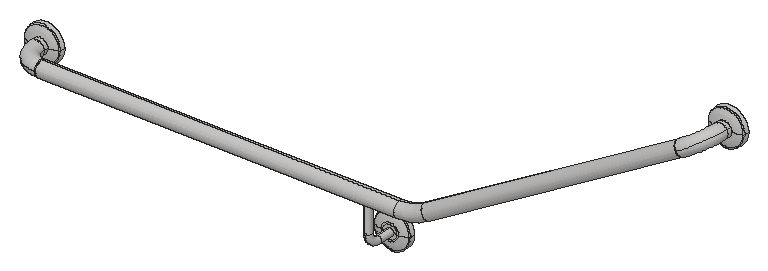
Revit family "Grab Rail_Metlam_30 Deg_Side Wall_Left", category Specialty Equipment, Revit 2016
Family settings
  Part Type = Normal
  Round Connector Dimension = Use Diameter
  OmniClass Number = 23.40.20.21.47
  OmniClass Title = Bath Grab Bars
  Work Plane-Based = No
  Always vertical = Yes
  Cut with Voids When Loaded = No
  Shared = No
  Room Calculation Point = Yes
Parameters (values of type "1478w x 90d x 382h (MLR101_X)")
  Width = 1478 mm  # constant formula
  URL = "http://www.metlam.com.au/"
  Type Comments = "Grab Rails"  # constant formula
  Model = "MLR101_X"
  Material_ANZRS = z_Metlam_Metal_Stainless Steel_Satin
  Manufacturer_URL__Product Specific = "https://metlam.com.au/product/content/grab-rails/MLR101_X"
  Manufacturer_Spec Code = Model  # "MLR101_X"
  Manufacturer_Height From FFL [instance] = 800 mm
  Manufacturer = "Metlam"  # constant formula
  Keynote = ""
  Height = 382 mm  # constant formula
  Description = "30° Flush Mount Side Wall Rail LH"  # constant formula
  Depth = 90 mm  # constant formula
  CreatedBy_ANZRS = "IGS BIM Solutions"  # constant formula
  CreatedByURL_ANZRS = "http://www.igsgroup.com.au/"
  Assembly Code = ""
Reference planes
  plane 1 "Back": y = 0
  plane 2 "Ref. Level": z = 0
  plane 3 "Left": x = 0
  plane 4 "Front": y = -90
  plane 5 "Left Wall Mount_Centre (Elevation)": z = 784
  plane 6 "Middle Wall Mount_Centre (Elevation)": z = 691
  plane 7 "Right Wall Mount_Centre (Elevation)": z = 1134
  plane 8 "Mounting Height": z = 800
  plane 9 "Middle Wall Mount_Centre (Left/Right)": x = 779
  plane 10 "Left Wall Mount_Centre (Left/Right)": x = 39
  plane 11 "Right": x = 1524
  plane 12 "Right Wall Mount_Centre (Left/Right)": x = 1484.999
  plane 13 "Top": z = 1173
  plane 14 "Angled Rail_Top": z = 1150
  plane 15 "Horizontal Rail_Bottom": z = 768
  plane 16 "Horizontal Rail_Left": x = 23
  plane 17 "Angled Rail_Right": x = 1501
  plane 18 "Bottom": z = 653
Forms (mm)
  Revolve 1, solid, material "z_Metlam_Metal_Stainless Steel_Satin" <- "Material_ANZRS"
    sketch origin (0, 0, 1134) x (1, 0, 0) y (0, -1, 0)
      loop
        arc (1448.743, 10.627) -> (1447.851, 9.87) -> (1447.401, 8.79) r 2.5
        line (1447.401, 8.79) -> (1446, 0) -> (1485, 0) -> (1485, 16.062) -> (1469, 16.062)
        arc (1469, 16.062) -> (1458.591, 14.389) -> (1448.743, 10.627) r 51.397
      axis (1485, 16.062) -> (1485, 0)
    angle from 0 to 360
  Revolve 2, solid, material "z_Metlam_Metal_Stainless Steel_Satin" <- "Material_ANZRS"
    sketch origin (0, 0, 784) x (1, 0, 0) y (0, -1, 0)
      loop
        arc (75.257, 10.595) -> (65.409, 14.357) -> (55, 16.031) r 51.397
        line (55, 16.031) -> (39, 16.031) -> (39, 0) -> (78, 0) -> (76.599, 8.759)
        arc (76.599, 8.759) -> (76.149, 9.838) -> (75.257, 10.595) r 2.5
      axis (39, 16.031) -> (39, 0)
    angle from 0 to 360
  Revolve 3, solid, material "z_Metlam_Metal_Stainless Steel_Satin" <- "Material_ANZRS"
    sketch origin (0, 0, 691) x (1, 0, 0) y (0, -1, 0)
      loop
        line (741, 0) -> (779, 0) -> (779, 16.031) -> (764.135, 16.031)
        arc (764.135, 16.031) -> (762.574, 15.995) -> (761.017, 15.888) r 34
        arc (761.017, 15.888) -> (751.634, 14.116) -> (742.754, 10.607) r 50.422
        arc (742.754, 10.607) -> (741.787, 9.734) -> (741.391, 8.494) r 2.5
        line (741.391, 8.494) -> (741, 0)
      axis (779, 0) -> (779, 16.031)
    angle from 0 to 360
  Sweep 4, solid, material "z_Metlam_Metal_Stainless Steel_Satin" <- "Material_ANZRS"
    path origin (779, 0, -711) x (0, 1, 0) y (0, 0, 1)
      loop
        line (-16.031, 1402) -> (-49, 1402)
        arc (-49, 1402) -> (-66.678, 1409.322) -> (-74, 1427) r 25
        line (-74, 1427) -> (-74, 1495)
    profile origin (779, -32.515, 691) x (0, 0, -1) y (1, 0, 0)
      loop
        circle (0, 0) r 7.5
  Sweep 5, solid, material "z_Metlam_Metal_Stainless Steel_Satin" <- "Material_ANZRS"
    path origin (-70.164, -90, 773) x (1, 0, 0) y (0, 0, -1)
      loop
        line (1511.863, -335.998) -> (976.796, -27.077)
        arc (976.796, -27.077) -> (947.854, -15.089) -> (916.796, -11) r 120
        line (916.796, -11) -> (159.164, -11)
    profile origin (89, -90, 784) x (0, 0, 1) y (0, 1, 0)
      loop
        circle (0, 16) r 16
  Sweep 6, solid, material "z_Metlam_Metal_Stainless Steel_Satin" <- "Material_ANZRS"
    path origin (0, 0, 784) x (1, 0, 0) y (0, -1, 0)
      loop
        line (89, 74) -> (87, 74)
        arc (87, 74) -> (53.059, 59.941) -> (39, 26) r 48
        line (39, 26) -> (39, 16.031)
    profile origin (88, -74, 784) x (0, -1, 0) y (0, 0, 1)
      loop
        circle (0, 0) r 16
  Sweep 7, solid, material "z_Metlam_Metal_Stainless Steel_Satin" <- "Material_ANZRS"
    path origin (1552.554, -90, 1173) x (-0.866025, 0, -0.5) y (0, 1, 0)
      loop
        line (128.004, 16) -> (126.004, 16)
        arc (126.004, 16) -> (92.063, 30.059) -> (78.004, 64) r 48
        line (78.004, 64) -> (78.004, 73.969)
    profile origin (1442.565, -74, 1109.498) x (0, -1, 0) y (0.5, 0, -0.866025)
      loop
        circle (0, 0) r 16
Cuts and joins
  joined: Sweep 4, Sweep 5, Sweep 6, Sweep 7
Lines and regions (mm)
  Masking region 1
    outline origin (779, 0, 784) x (-1, 0, 0) y (0, -1, 0)
      loop
        line (-656, 58) -> (-7.503, 58) -> (-7.503, 16.031) -> (-16.003, 16.031)
        arc (-16.003, 16.031) -> (-26.433, 14.377) -> (-36.289, 10.586) r 50.422
        arc (-36.289, 10.586) -> (-37.213, 9.766) -> (-37.62, 8.6) r 2.455
        line (-37.62, 8.6) -> (-38, 0) -> (38, 0) -> (37.614, 8.596)
        arc (37.614, 8.596) -> (37.208, 9.764) -> (36.283, 10.586) r 2.455
        arc (36.283, 10.586) -> (26.427, 14.377) -> (15.997, 16.031) r 50.422
        line (15.997, 16.031) -> (7.497, 16.031) -> (7.497, 58) -> (690.023, 58)
        arc (690.023, 58) -> (714.049, 48.049) -> (724, 24.024) r 33.977
        line (724, 24.024) -> (724, 16.031)
        arc (724, 16.031) -> (713.577, 14.378) -> (703.727, 10.593) r 50.422
        arc (703.727, 10.593) -> (702.847, 9.842) -> (702.404, 8.774) r 2.482
        line (702.404, 8.774) -> (701, 0) -> (779, 0) -> (777.594, 8.788)
        arc (777.594, 8.788) -> (777.169, 9.825) -> (776.327, 10.565) r 2.455
        arc (776.327, 10.565) -> (766.452, 14.37) -> (756.001, 16.03) r 50.421
        line (756.001, 16.03) -> (756.001, 27)
        arc (756.001, 27) -> (737.548, 71.548) -> (693, 90) r 63.001
        line (693, 90) -> (-659.453, 90)
        arc (-659.453, 90) -> (-703.681, 71.681) -> (-722, 27.454) r 62.547
        line (-722, 27.454) -> (-722, 16.031)
        arc (-722, 16.031) -> (-732.43, 14.377) -> (-742.286, 10.586) r 50.422
        arc (-742.286, 10.586) -> (-743.155, 9.844) -> (-743.594, 8.788) r 2.455
        line (-743.594, 8.788) -> (-745, 0) -> (-667, 0) -> (-668.404, 8.774)
        arc (-668.404, 8.774) -> (-668.847, 9.842) -> (-669.727, 10.593) r 2.482
        arc (-669.727, 10.593) -> (-679.577, 14.378) -> (-690, 16.031) r 50.422
        line (-690, 16.031) -> (-690, 24)
        arc (-690, 24) -> (-680.042, 48.042) -> (-656, 58) r 34
  symbolic lines, style "Grab Rails", detail levels medium+fine
    curve 1: line (55.001, -16.031, 784) -> (23, -16.031, 784)
    curve 2: line (1500.944, -16.062, 784) -> (1469.001, -16.062, 784)
    curve 3: line (771.503, -16.031, 0) -> (786.503, -16.031, 0)
    curve 4: line (737.501, -58, 0) -> (752.501, -58, 0)
  reference lines, not visible
    curve 5: line (1552.554, -90, 1173) -> (878.786, -90, 784)
  symbolic lines, style "Grab Rails"
    curve 6: line (879, -66, 784) -> (879, -82, 784)
Text (mm)
  text "> Contact Manufacturer to confirm feasibility of design variations outside the scope of this Revit Family\n\n\n\nDisclaimer:\n\nDue to ongoing product development and manufacturing evolution, product details are subject to change without notice. Please refer to product technical data sheets on the manufacturer’s website for the most current product information. Please allow a +/- 5mm manufacturing tolerance for dimensions and set-outs shown in product literature." at (1781.463, 417.263, 0), in view "Ref. Level_Instruction"
Dimensions and locks
  "Depth": plane 4 "Front" to plane 1 "Back"
  "Manufacturer_Height From FFL": plane 8 "Mounting Height" to level
  "Height": plane 14 "Angled Rail_Top" to plane 15 "Horizontal Rail_Bottom"
  locked: plane 6 "Middle Wall Mount_Centre (Elevation)" to plane 18 "Bottom" at 38
  locked: plane 13 "Top" to plane 14 "Angled Rail_Top" at 23
  locked: plane 15 "Horizontal Rail_Bottom" to plane 6 "Middle Wall Mount_Centre (Elevation)" at 77
  locked: plane 8 "Mounting Height" to plane 5 "Left Wall Mount_Centre (Elevation)" at 16
  locked: plane 5 "Left Wall Mount_Centre (Elevation)" to plane 15 "Horizontal Rail_Bottom" at 16
  "Width": plane 17 "Angled Rail_Right" to plane 16 "Horizontal Rail_Left"
  locked: plane 11 "Right" to plane 17 "Angled Rail_Right" at 23
  locked: plane 17 "Angled Rail_Right" to plane 12 "Right Wall Mount_Centre (Left/Right)" at 16.001
  locked: plane 10 "Left Wall Mount_Centre (Left/Right)" to plane 16 "Horizontal Rail_Left" at 16
  locked: plane 14 "Angled Rail_Top" to plane 7 "Right Wall Mount_Centre (Elevation)" at 16
  locked: plane 3 "Left" to plane 16 "Horizontal Rail_Left" at 23
  plane 10 "Left Wall Mount_Centre (Left/Right)" to curve 6 = 840 mm
  radius of Sweep 5 sketch curve = 120 mm
  aligned and locked: level to plane 2 "Ref. Level"
  aligned and locked: plane 5 "Left Wall Mount_Centre (Elevation)" to Sweep 5 sketch curve
  aligned and locked: Sweep 5 sketch curve to plane 5 "Left Wall Mount_Centre (Elevation)"  (x2)
  aligned and locked: plane 5 "Left Wall Mount_Centre (Elevation)" to Sweep 6 sketch curve
  aligned and locked: curve 5 to plane 5 "Left Wall Mount_Centre (Elevation)"
  aligned and locked: curve 5 to plane 13 "Top"
Automatic sketch dimensions
  plane 4 "Front" to curve 4 = 32 mm
  plane 3 "Left" to curve 4 = 737.501 mm
  plane 1 "Back" to curve 3 = 16.031 mm
  curve 4 to curve 3 = 34.002 mm
  curve 4 to curve 4 = 15 mm
  curve 3 to curve 3 = 15 mm
  plane 1 "Back" to Masking region 1 sketch curve = 0 mm  (x3)
  plane 3 "Left" to Masking region 1 sketch curve = 1524 mm
  plane 3 "Left" to Masking region 1 sketch curve = 1522.594 mm
  Masking region 1 sketch curve to Masking region 1 sketch curve = 2.424 mm  (x2)
  Masking region 1 sketch curve to Masking region 1 sketch curve = 19.17 mm  (x3)
  plane 3 "Left" to Masking region 1 sketch curve = 1498.36 mm
  Masking region 1 sketch curve to Masking region 1 sketch curve = 26.719 mm  (x2)
  Masking region 1 sketch curve to Masking region 1 sketch curve = 32 mm
  plane 1 "Back" to Masking region 1 sketch curve = 8.382 mm
  Masking region 1 sketch curve to Masking region 1 sketch curve = 19.145 mm  (x2)
  plane 1 "Back" to Masking region 1 sketch curve = 8.774 mm  (x2)
  Masking region 1 sketch curve to Masking region 1 sketch curve = 2.451 mm  (x2)
  Masking region 1 sketch curve to Masking region 1 sketch curve = 1.404 mm  (x2)
  Masking region 1 sketch curve to Masking region 1 sketch curve = 8.951 mm
  Masking region 1 sketch curve to Masking region 1 sketch curve = 3.453 mm  (x2)
  Masking region 1 sketch curve to Masking region 1 sketch curve = 618 mm
  plane 1 "Back" to Masking region 1 sketch curve = 8.6 mm
  Masking region 1 sketch curve to Masking region 1 sketch curve = 0.38 mm
  Masking region 1 sketch curve to Masking region 1 sketch curve = 2.447 mm  (x2)
  Masking region 1 sketch curve to Masking region 1 sketch curve = 24.637 mm
  Masking region 1 sketch curve to Masking region 1 sketch curve = 8.5 mm  (x2)
  Masking region 1 sketch curve to Masking region 1 sketch curve = 15 mm
  plane 1 "Back" to Masking region 1 sketch curve = 8.4 mm  (x2)
  plane 1 "Back" to Masking region 1 sketch curve = 8.596 mm
  Masking region 1 sketch curve to Masking region 1 sketch curve = 0.386 mm
  plane 4 "Front" to Masking region 1 sketch curve = 32 mm
  Masking region 1 sketch curve to Masking region 1 sketch curve = 652.41 mm
  Masking region 1 sketch curve to plane 4 "Front" = 0 mm
  Masking region 1 sketch curve to Masking region 1 sketch curve = 2.977 mm
  Masking region 1 sketch curve to Masking region 1 sketch curve = 10.977 mm
  Masking region 1 sketch curve to Masking region 1 sketch curve = 25.64 mm
  Masking region 1 sketch curve to Masking region 1 sketch curve = 26.72 mm
  plane 1 "Back" to Masking region 1 sketch curve = 27 mm
  Masking region 1 sketch curve to Masking region 1 sketch curve = 19.169 mm
  plane 1 "Back" to Masking region 1 sketch curve = 8.788 mm
  Masking region 1 sketch curve to Masking region 1 sketch curve = 1.406 mm
  Masking region 1 sketch curve to plane 1 "Back" = 34.322 mm  (x3)
  Masking region 1 sketch curve to Masking region 1 sketch curve = 0 mm  (x4)
  Masking region 1 sketch curve to Masking region 1 sketch curve = 0.392 mm
  Masking region 1 sketch curve to Masking region 1 sketch curve = 0.388 mm  (x2)
  Masking region 1 sketch curve to Masking region 1 sketch curve = 0.2 mm
  Masking region 1 sketch curve to Masking region 1 sketch curve = 10.97 mm
  plane 1 "Back" to Masking region 1 sketch curve = 16.031 mm  (x2)
  Masking region 1 sketch curve to Masking region 1 sketch curve = 11.423 mm
  Masking region 1 sketch curve to Masking region 1 sketch curve = 7.993 mm
  plane 11 "Right" to curve 5 = 28.554 mm
  curve 5 to plane 9 "Middle Wall Mount_Centre (Left/Right)" = 99.786 mm
  plane 1 "Back" to Revolve 1 sketch curve = 0 mm
  plane 12 "Right Wall Mount_Centre (Left/Right)" to Revolve 1 sketch curve = 38.999 mm
  Revolve 1 sketch curve to plane 1 "Back" = 8.79 mm
  Revolve 1 sketch curve to Revolve 1 sketch curve = 1.401 mm
  Revolve 1 sketch curve to Revolve 1 sketch curve = 2.469 mm
  plane 12 "Right Wall Mount_Centre (Left/Right)" to Revolve 1 sketch curve = 15.999 mm
  plane 12 "Right Wall Mount_Centre (Left/Right)" to Revolve 1 sketch curve = 13.088 mm
  Revolve 1 sketch curve to plane 12 "Right Wall Mount_Centre (Left/Right)" = 0.001 mm  (x2)
  plane 1 "Back" to Revolve 1 sketch curve = 35.252 mm
  Revolve 1 sketch curve to Revolve 1 sketch curve = 0.395 mm
  Revolve 1 sketch curve to plane 1 "Back" = 16.062 mm
  Revolve 1 sketch curve to Revolve 1 sketch curve = 4.717 mm
  Revolve 1 sketch curve to Revolve 1 sketch curve = 6.031 mm
  Revolve 2 sketch curve to plane 10 "Left Wall Mount_Centre (Left/Right)" = 0 mm  (x2)
  plane 1 "Back" to Revolve 2 sketch curve = 0 mm
  plane 10 "Left Wall Mount_Centre (Left/Right)" to Revolve 2 sketch curve = 13.089 mm
  Revolve 2 sketch curve to Revolve 2 sketch curve = 16 mm
  Revolve 2 sketch curve to plane 1 "Back" = 8.364 mm
  Revolve 2 sketch curve to Revolve 2 sketch curve = 19.13 mm
  Revolve 2 sketch curve to plane 1 "Back" = 8.759 mm
  Revolve 2 sketch curve to Revolve 2 sketch curve = 2.469 mm
  Revolve 2 sketch curve to Revolve 2 sketch curve = 1.401 mm
  plane 1 "Back" to Revolve 2 sketch curve = 35.283 mm
  Revolve 2 sketch curve to plane 1 "Back" = 16.031 mm
  Revolve 2 sketch curve to Revolve 2 sketch curve = 4.717 mm
  Revolve 2 sketch curve to Revolve 2 sketch curve = 6.031 mm
  plane 1 "Back" to Revolve 3 sketch curve = 0 mm  (x2)
  Revolve 3 sketch curve to plane 9 "Middle Wall Mount_Centre (Left/Right)" = 0 mm  (x2)
  Revolve 3 sketch curve to plane 9 "Middle Wall Mount_Centre (Left/Right)" = 13.36 mm
  Revolve 3 sketch curve to plane 9 "Middle Wall Mount_Centre (Left/Right)" = 14.865 mm
  Revolve 3 sketch curve to plane 1 "Back" = 8.379 mm
  Revolve 3 sketch curve to Revolve 3 sketch curve = 20.246 mm
  Revolve 3 sketch curve to plane 1 "Back" = 8.494 mm
  Revolve 3 sketch curve to Revolve 3 sketch curve = 2.497 mm
  Revolve 3 sketch curve to Revolve 3 sketch curve = 0.391 mm
  plane 1 "Back" to Revolve 3 sketch curve = 17.969 mm
  Revolve 3 sketch curve to Revolve 3 sketch curve = 16.353 mm
  Revolve 3 sketch curve to plane 1 "Back" = 16.031 mm
  Revolve 3 sketch curve to Revolve 3 sketch curve = 0 mm
  Revolve 3 sketch curve to Revolve 3 sketch curve = 11.61 mm
  Sweep 4 sketch curve to plane 5 "Left Wall Mount_Centre (Elevation)" = 0 mm
  Sweep 4 sketch curve to plane 6 "Middle Wall Mount_Centre (Elevation)" = 0 mm
  plane 4 "Front" to Sweep 4 sketch curve = 16 mm
  plane 6 "Middle Wall Mount_Centre (Elevation)" to Sweep 4 sketch curve = 25 mm
  plane 1 "Back" to Sweep 4 sketch curve = 16.031 mm
  Sweep 4 sketch curve to profile plane = 0 mm  (x2)
  Sweep 5 sketch curve to plane 9 "Middle Wall Mount_Centre (Left/Right)" = 67.633 mm
  plane 8 "Mounting Height" to Sweep 5 sketch curve = 0.077 mm
  Sweep 5 sketch curve to plane 10 "Left Wall Mount_Centre (Left/Right)" = 50 mm
  Sweep 5 sketch curve to plane 12 "Right Wall Mount_Centre (Left/Right)" = 43.3 mm
  Sweep 5 sketch curve to plane 7 "Right Wall Mount_Centre (Elevation)" = 25.002 mm
  profile plane to Sweep 5 sketch curve = 16 mm
  Sweep 6 sketch curve to plane 10 "Left Wall Mount_Centre (Left/Right)" = 0 mm
  Sweep 6 sketch curve to Sweep 6 sketch curve = 48 mm
  Sweep 6 sketch curve to plane 1 "Back" = 26 mm
  Sweep 6 sketch curve to Sweep 6 sketch curve = 2 mm
  Sweep 6 sketch curve to Sweep 6 sketch curve = 9.969 mm
  Sweep 6 sketch curve to profile plane = 0 mm
  curve 5 to Sweep 7 sketch curve = 78.004 mm
  Sweep 7 sketch curve to Sweep 7 sketch curve = 48 mm
  Sweep 7 sketch curve to curve 5 = 16 mm
  Sweep 7 sketch curve to Sweep 7 sketch curve = 2 mm
  Sweep 7 sketch curve to Sweep 7 sketch curve = 9.969 mm
  Sweep 7 sketch curve to profile plane = 0 mm  (x2)
  curve 1 to plane 16 "Horizontal Rail_Left" = 0 mm
  plane 1 "Back" to curve 1 = 16.031 mm
  curve 1 to plane 10 "Left Wall Mount_Centre (Left/Right)" = 16.001 mm
  plane 4 "Front" to curve 6 = 24 mm
  curve 2 to plane 12 "Right Wall Mount_Centre (Left/Right)" = 15.998 mm
  curve 2 to plane 17 "Angled Rail_Right" = 0.056 mm
  plane 1 "Back" to curve 2 = 16.062 mm
  plane 4 "Front" to curve 6 = 8 mm
  radius of Sweep 4 sketch curve = 7.5 mm
  radius of Sweep 5 sketch curve = 16 mm
  radius of Sweep 6 sketch curve = 16 mm
  radius of Sweep 7 sketch curve = 16 mm
